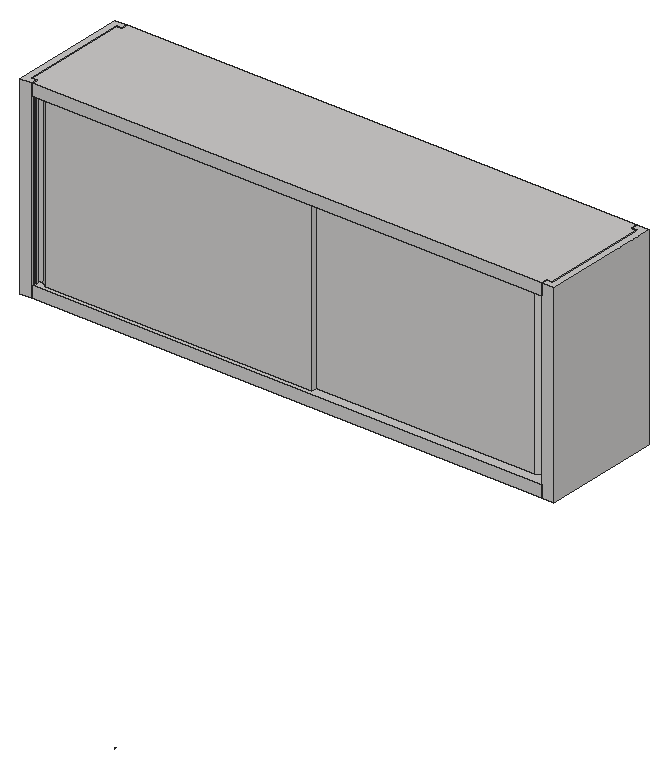
Revit family "QF_ELECTROLUXPROFESSIONAL_134080_GPS1800E", category Attrezzature speciali, Revit 2020
Family settings
  Quota connettore circolare = Usa diametro
  Tipo di parte = Normale
  Basato su piano di lavoro = No
  Sempre verticale = Sì
  Taglio con vuoti quando caricato = No
  Condiviso = No
  Punto di calcolo locali = No
Parameters (values of type "Standard")
  Weight = 50.00 kg
  Watts = 0 W
  Volts = 0 V
  URL Manufacturer = "https://www.electroluxprofessional.com/"
  URL = "https://www.electroluxprofessional.com/"
  Steam Supply Size = 0 mm
  Steam Supply Minimum Pressure = 0.0 Pa
  Steam Supply Maximum Pressure = 0.0 Pa
  Steam Consumption per Hour = 0
  Refrigeration Suction Line Size = 0.0 mm
  Refrigeration Liquid Line Size = 0.0 mm
  Refrigerant Compressor Remote = yes
  Prospetto di default = 0.0 mm
  Phase = 0
  Modello = "GPS1800E"
  Produttore = "Electrolux Professional"
  Length Actual = 1800.0 mm  # constant formula
  Item Number = "134080"
  Hot Water Size = 0 mm
  Height Actual = 650.0 mm  # constant formula
  HP = "0 HP"
  Gas Size = 0 mm
  Gas KW = 0
  Gas Input Pressure = 0 W
  Direct Waste Size = 0 mm
  Descrizione = "WALL CUPBOARD W/2 SLIDING DOORS 1800 MM"
  Depth Actual = 400.0 mm  # constant formula
  Cycle = 0 Hz
  Condensate Return Size = 0 mm
  Compressed Air Volume = 0.0 L/s
  Compressed Air Size = 0 mm
  Compressed Air Pressure = 0.0 Pa
  Cold Water Size = 0 mm
  Accessory = yes
Reference planes
  plane 1 "Center (Front/Back)": y = 0
  plane 2: z = 0
  plane 3 "Center (Left/Right)": x = -300
  plane 4 "LEFT": x = -1200
  plane 5 "RIGHT": x = 600
  plane 6 "BACK": y = 200
  plane 7 "FRONT": y = -200
  plane 8 "Base": z = 2200
  plane 9 "BASE": z = 1550
  plane 10: x = -1160
  plane 11: x = 560
  plane 12: y = -197
  plane 13: y = 150
  plane 14: y = 197
  plane 15: x = -220
  plane 16: x = -380
Forms (mm)
  Extrusion 1, solid, material "QF_Finishes_Stainless Steel"
    sketch origin (0, 0, 1550) x (-1, 0, 0) y (0, -1, 0)
      loop
        line (1200, -200) -> (1200, 200) -> (1160, 200) -> (1160, 178) -> (1178, 178) -> (1178, -178) -> (1160, -178) -> (1160, -200) -> (1200, -200)
      loop
        line (-560, -200) -> (-560, -178) -> (-578, -178) -> (-578, 178) -> (-560, 178) -> (-560, 200) -> (-600, 200) -> (-600, -200) -> (-560, -200)
    from 0 to 650
  Extrusion 2, solid, material "QF_Finishes_Stainless Steel"
    sketch origin (0, 0, 1550) x (-1, 0, 0) y (0, -1, 0)
      loop
        line (-560, 200) -> (-560, 178) -> (-578, 178) -> (-578, -178) -> (-560, -178) -> (-560, -200) -> (1160, -200) -> (1160, -178) -> (1178, -178) -> (1178, 178) -> (1160, 178) -> (1160, 200) -> (-560, 200)
    from 0 to 40
  Extrusion 3, solid, material "QF_Finishes_Stainless Steel"
    sketch origin (0, 0, 0) x (1, 0, 0) y (0, 1, 0)
      loop
        line (-1160, -200) -> (560, -200) -> (560, -178) -> (578, -178) -> (578, 178) -> (560, 178) -> (560, 200) -> (-1160, 200) -> (-1160, 178) -> (-1178, 178) -> (-1178, -178) -> (-1160, -178) -> (-1160, -200)
    from 2160 to 2200
  Extrusion 4, solid, material "QF_Finishes_Stainless Steel"
    sketch origin (0, 0, 0) x (1, 0, 0) y (0, 1, 0)
      loop
        line (-220, -197) -> (-220, -177) -> (-1157, -177) -> (-1157, -197) -> (-1147, -197) -> (-1147, -194) -> (-1154, -194) -> (-1154, -182) -> (-1137, -182) -> (-1117, -197) -> (-220, -197)
    from 1597 to 2160
  Extrusion 5, solid, material "QF_Finishes_Stainless Steel"
    sketch origin (0, 0, 0) x (1, 0, 0) y (0, 1, 0)
      loop
        line (-380, -177) -> (517, -177) -> (537, -162) -> (554, -162) -> (554, -174) -> (547, -174) -> (547, -177) -> (557, -177) -> (557, -157) -> (-380, -157) -> (-380, -177)
    from 2160 to 1597
  Extrusion 6, solid, material "QF_Finishes_Stainless Steel"
    sketch origin (0, 0, 0) x (1, 0, 0) y (0, 1, 0)
      loop
        line (-273.481, 197) -> (-1117, 197) -> (-1137, 182) -> (-1154, 182) -> (-1154, 194) -> (-1147, 194) -> (-1147, 197) -> (-1157, 197) -> (-1157, 177) -> (-273.481, 177) -> (-273.481, 197)
    from 1597 to 2160
  Extrusion 7, solid, material "QF_Finishes_Stainless Steel"
    sketch origin (0, 0, 0) x (1, 0, 0) y (0, 1, 0)
      loop
        line (-326.5, 177) -> (-326.5, 157) -> (557, 157) -> (557, 177) -> (547, 177) -> (547, 174) -> (554, 174) -> (554, 162) -> (537, 162) -> (517, 177) -> (-326.5, 177)
    from 2160 to 1597
  Extrusion 8, solid, material "QF_Finishes_Stainless Steel"
    sketch origin (0, 0, 0) x (1, 0, 0) y (0, 1, 0)
      loop
        line (-1200, 200) -> (-1200, 199) -> (-1199, 199) -> (-1199, 200) -> (-1200, 200)
    from 0 to 1
Lines and regions (mm)
  symbolic lines, style "SpecialityEquipmentHiddenLines"
    curve 1: line (557, -157, 0) -> (-380, -157, 0)
    curve 2: line (-380, -157, 0) -> (-380, -177, 0)
    curve 3: line (517, -177, 0) -> (-1157, -177, 0)
    curve 4: line (-220, -177, 0) -> (-220, -197, 0)
    curve 5: line (-1157, -177, 0) -> (-1157, -197, 0)
    curve 6: line (-1137, -182, 0) -> (-1154, -182, 0)
    curve 20: line (557, 157, 0) -> (-326.5, 157, 0)
    curve 21: line (-326.5, 157, 0) -> (-326.5, 177, 0)
    curve 22: line (517, 177, 0) -> (-1157, 177, 0)
    curve 23: line (-273.5, 177, 0) -> (-273.5, 197, 0)
    curve 24: line (-1157, 177, 0) -> (-1157, 197, 0)
    curve 39: line (-1117, -197, 0) -> (-220, -197, 0)
    curve 40: line (-1157, -197, 0) -> (-1147, -197, 0)
    curve 41: line (-1147, 197, 0) -> (-1157, 197, 0)
    curve 42: line (-1117, 197, 0) -> (-273.5, 197, 0)
    curve 43: line (-1137, 182, 0) -> (-1154, 182, 0)
    curve 44: line (-1117, 197, 0) -> (-1137, 182, 0)
  symbolic lines
    curve 7: line (-1200, 200, 0) -> (600, -200, 0)
    curve 8: line (600, 200, 0) -> (-1200, -200, 0)
    curve 9: line (-1137, -182, 0) -> (-1117, -197, 0)
    curve 10: line (-1154, -182, 0) -> (-1154, -194, 0)
    curve 11: line (-1154, -194, 0) -> (-1147, -194, 0)
    curve 12: line (-1147, -194, 0) -> (-1147, -197, 0)
    curve 13: line (557, -157, 0) -> (557, -177, 0)
    curve 14: line (557, -177, 0) -> (547, -177, 0)
    curve 15: line (547, -177, 0) -> (547, -174, 0)
    curve 16: line (547, -174, 0) -> (554, -174, 0)
    curve 17: line (554, -174, 0) -> (554, -162, 0)
    curve 18: line (554, -162, 0) -> (537, -162, 0)
    curve 19: line (517, -177, 0) -> (537, -162, 0)
    curve 25: line (-1154, 182, 0) -> (-1154, 194, 0)
    curve 26: line (-1154, 194, 0) -> (-1147, 194, 0)
    curve 27: line (-1147, 194, 0) -> (-1147, 197, 0)
    curve 28: line (557, 157, 0) -> (557, 177, 0)
    curve 29: line (557, 177, 0) -> (547, 177, 0)
    curve 30: line (547, 177, 0) -> (547, 174, 0)
    curve 31: line (547, 174, 0) -> (554, 174, 0)
    curve 32: line (554, 174, 0) -> (554, 162, 0)
    curve 33: line (554, 162, 0) -> (537, 162, 0)
    curve 34: line (517, 177, 0) -> (537, 162, 0)
    curve 35: line (-1200, 200, 0) -> (600, 200, 0)
    curve 36: line (-1200, -200, 0) -> (-1200, 200, 0)
    curve 37: line (600, -200, 0) -> (-1200, -200, 0)
    curve 38: line (600, 200, 0) -> (600, -200, 0)
Dimensions and locks
  plane 4 "LEFT" to plane 5 "RIGHT" = 1800.0 mm
  equal spacing: plane 4 "LEFT", plane 3 "Center (Left/Right)", plane 5 "RIGHT"
  plane 6 "BACK" to plane 7 "FRONT" = 400.0 mm
  equal spacing: plane 6 "BACK", plane 1 "Center (Front/Back)", plane 7 "FRONT"
  plane 9 "BASE" to level = 1550.0 mm
  locked: plane 4 "LEFT" to plane 10 at 40
  locked: plane 11 to plane 5 "RIGHT" at 40
  plane 12 to plane 7 "FRONT" = 3.0 mm
  plane 6 "BACK" to plane 13 = 50.0 mm
  locked: plane 8 "Base" to plane 9 "BASE" at 650
  equal spacing: plane 16, plane 3 "Center (Left/Right)", plane 15
  locked: plane 16 to plane 15 at 160
  aligned and locked: level to plane 2
  aligned and locked: plane 8 "Base" to Extrusion 1
  aligned and locked: plane 6 "BACK" to Extrusion 1 sketch curve
  aligned and locked: Extrusion 1 sketch curve to plane 6 "BACK"
  aligned and locked: plane 7 "FRONT" to Extrusion 1 sketch curve
  aligned and locked: Extrusion 1 sketch curve to plane 7 "FRONT"
  aligned and locked: plane 10 to Extrusion 1
  aligned and locked: Extrusion 1 to plane 11
  aligned and locked: plane 8 "Base" to Extrusion 3
  aligned and locked: Extrusion 3 to plane 7 "FRONT"
  aligned and locked: Extrusion 2 to plane 7 "FRONT"
  aligned and locked: plane 15 to Extrusion 4
  aligned and locked: curve 4 to plane 15
  aligned and locked: plane 16 to Extrusion 5
  aligned and locked: plane 16 to curve 2
  aligned and locked: curve 43 to Extrusion 6
  aligned and locked: curve 44 to Extrusion 6
Automatic sketch dimensions
  Extrusion 1 sketch curve to plane 11 = 0.0 mm  (x2)
  Extrusion 1 sketch curve to plane 4 "LEFT" = 0.0 mm
  Extrusion 4 sketch curve to plane 12 = 0.0 mm  (x2)
  plane 10 to Extrusion 4 sketch curve = 3.0 mm
  Extrusion 4 sketch curve to Extrusion 4 sketch curve = 3.0 mm
  Extrusion 4 sketch curve to Extrusion 4 sketch curve = 7.0 mm
  Extrusion 4 sketch curve to Extrusion 4 sketch curve = 10.0 mm
  plane 3 "Center (Left/Right)" to Extrusion 4 sketch curve = 80.0 mm
  plane 12 to Extrusion 4 sketch curve = 3.0 mm
  Extrusion 4 sketch curve to Extrusion 4 sketch curve = 12.0 mm
  Extrusion 4 sketch curve to Extrusion 4 sketch curve = 20.0 mm  (x2)
  Extrusion 4 sketch curve to Extrusion 4 sketch curve = 0.0 mm
  Extrusion 5 sketch curve to plane 3 "Center (Left/Right)" = 80.0 mm
  plane 12 to Extrusion 5 sketch curve = 20.0 mm  (x2)
  Extrusion 5 sketch curve to plane 11 = 43.0 mm
  Extrusion 5 sketch curve to plane 11 = 23.0 mm
  Extrusion 5 sketch curve to plane 11 = 13.0 mm
  Extrusion 5 sketch curve to plane 11 = 6.0 mm
  Extrusion 5 sketch curve to plane 11 = 3.0 mm
  Extrusion 5 sketch curve to Extrusion 5 sketch curve = 3.0 mm
  Extrusion 5 sketch curve to Extrusion 5 sketch curve = 12.0 mm
  Extrusion 5 sketch curve to Extrusion 5 sketch curve = 20.0 mm
  plane 14 to Extrusion 6 sketch curve = 0.0 mm  (x2)
  Extrusion 6 sketch curve to plane 10 = 3.0 mm
  Extrusion 6 sketch curve to Extrusion 6 sketch curve = 3.0 mm
  Extrusion 6 sketch curve to Extrusion 6 sketch curve = 7.0 mm
  Extrusion 6 sketch curve to Extrusion 6 sketch curve = 10.0 mm
  Extrusion 6 sketch curve to plane 3 "Center (Left/Right)" = 26.519 mm
  Extrusion 6 sketch curve to plane 14 = 3.0 mm
  Extrusion 6 sketch curve to Extrusion 6 sketch curve = 12.0 mm
  Extrusion 6 sketch curve to Extrusion 6 sketch curve = 20.0 mm  (x2)
  Extrusion 6 sketch curve to Extrusion 6 sketch curve = 0.0 mm
  plane 3 "Center (Left/Right)" to Extrusion 7 sketch curve = 26.5 mm
  Extrusion 7 sketch curve to plane 14 = 20.0 mm  (x2)
  plane 11 to Extrusion 7 sketch curve = 43.0 mm
  plane 11 to Extrusion 7 sketch curve = 23.0 mm
  plane 11 to Extrusion 7 sketch curve = 13.0 mm
  plane 11 to Extrusion 7 sketch curve = 6.0 mm
  plane 11 to Extrusion 7 sketch curve = 3.0 mm
  Extrusion 7 sketch curve to Extrusion 7 sketch curve = 3.0 mm
  Extrusion 7 sketch curve to Extrusion 7 sketch curve = 12.0 mm
  plane 13 to Extrusion 7 sketch curve = 7.0 mm
  Extrusion 8 sketch curve to plane 6 "BACK" = 0.0 mm
  Extrusion 8 sketch curve to plane 4 "LEFT" = 0.0 mm
  plane 4 "LEFT" to Extrusion 8 sketch curve = 1.0 mm
  Extrusion 8 sketch curve to plane 6 "BACK" = 1.0 mm
  Extrusion 1 sketch curve to plane 6 "BACK" = 22.0 mm  (x2)
  plane 4 "LEFT" to Extrusion 1 sketch curve = 22.0 mm
  plane 7 "FRONT" to Extrusion 1 sketch curve = 22.0 mm  (x2)
  Extrusion 1 sketch curve to plane 10 = 0.0 mm  (x2)
  plane 11 to Extrusion 1 sketch curve = 18.0 mm
  Extrusion 1 sketch curve to plane 5 "RIGHT" = 0.0 mm
  curve 37 to plane 4 "LEFT" = 0.0 mm
  curve 5 to plane 12 = 0.0 mm
  plane 14 to curve 24 = 0.0 mm
  curve 9 to plane 12 = 0.0 mm
  curve 38 to plane 5 "RIGHT" = 0.0 mm
  curve 7 to plane 7 "FRONT" = 0.0 mm
  curve 7 to plane 6 "BACK" = 0.0 mm
  plane 10 to curve 24 = 3.0 mm
  plane 10 to curve 5 = 3.0 mm
  curve 22 to curve 25 = 3.0 mm
  curve 3 to curve 10 = 3.0 mm
  curve 10 to curve 40 = 7.0 mm
  curve 25 to curve 27 = 7.0 mm
  curve 12 to curve 9 = 30.0 mm
  curve 20 to plane 13 = 7.0 mm
  curve 20 to plane 3 "Center (Left/Right)" = 26.5 mm
  plane 3 "Center (Left/Right)" to curve 23 = 26.5 mm
  plane 12 to curve 3 = 20.0 mm
  curve 3 to plane 11 = 43.0 mm
  curve 34 to plane 11 = 43.0 mm
  curve 34 to plane 11 = 23.0 mm
  curve 18 to plane 11 = 23.0 mm
  curve 14 to plane 11 = 13.0 mm
  curve 29 to plane 11 = 13.0 mm
  curve 32 to plane 11 = 6.0 mm
  curve 17 to plane 11 = 6.0 mm
  curve 29 to plane 11 = 3.0 mm
  curve 13 to plane 11 = 3.0 mm
  curve 12 to curve 12 = 3.0 mm
  curve 6 to curve 3 = 5.0 mm
  plane 12 to curve 13 = 20.0 mm
  curve 14 to curve 16 = 3.0 mm
  curve 15 to curve 19 = 12.0 mm
  curve 2 to curve 2 = 20.0 mm
  curve 20 to curve 33 = 5.0 mm
  curve 32 to curve 31 = 12.0 mm
  curve 31 to curve 28 = 3.0 mm
  plane 14 to curve 26 = 3.0 mm
  curve 11 to curve 6 = 10.0 mm
  Extrusion 3 sketch curve to plane 6 "BACK" = 0.0 mm
  Extrusion 3 sketch curve to plane 10 = 0.0 mm  (x2)
  Extrusion 3 sketch curve to plane 7 "FRONT" = 0.0 mm
  Extrusion 3 sketch curve to plane 11 = 0.0 mm  (x2)
  Extrusion 3 sketch curve to Extrusion 3 sketch curve = 18.0 mm
  plane 11 to Extrusion 3 sketch curve = 18.0 mm
  plane 12 to Extrusion 3 sketch curve = 19.0 mm  (x2)
  plane 14 to Extrusion 3 sketch curve = 19.0 mm  (x2)
  Extrusion 2 sketch curve to plane 11 = 0.0 mm  (x2)
  Extrusion 2 sketch curve to plane 6 "BACK" = 0.0 mm
  Extrusion 2 sketch curve to plane 10 = 0.0 mm  (x2)
  Extrusion 2 sketch curve to plane 7 "FRONT" = 0.0 mm
  plane 11 to Extrusion 2 sketch curve = 18.0 mm
  Extrusion 2 sketch curve to Extrusion 2 sketch curve = 18.0 mm
  plane 14 to Extrusion 2 sketch curve = 19.0 mm  (x2)
  plane 12 to Extrusion 2 sketch curve = 19.0 mm  (x2)
  plane 14 to curve 42 = 0.0 mm
  curve 22 to curve 25 = 5.0 mm
